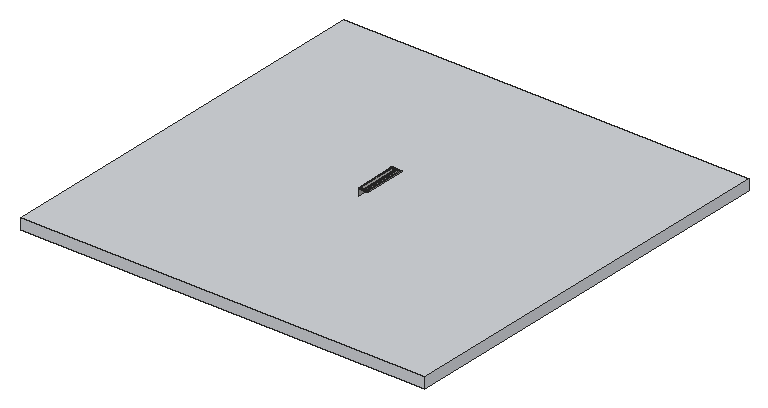
Revit family "STC5945", category Generic Models, host Face, Revit 2020
Family settings
  Host = Face
  Can host rebar = No
  Round Connector Dimension = Use Diameter
  Part Type = Normal
  Cut with Voids When Loaded = No
  Shared = No
  Room Calculation Point = No
Parameters
  Default Elevation = 1219.2 mm
Reference planes
  plane 1 "Center (Front/Back)": y = 0
  plane 2: z = -304.512
  plane 3 "Center (Left/Right)": x = 0
Forms (mm)
  Extrusion 1, solid
    sketch origin (0, 0, 0) x (1, 0, 0) y (0, 1, 0)
      loop
        line (-1219.2, 1219.2) -> (-1219.2, -1219.2) -> (1219.2, -1219.2) -> (1219.2, 1219.2) -> (-1219.2, 1219.2)
    from -304.512 to -241.302
  Extrusion 2, solid, material "Default New Material(1)"
    sketch origin (561.62, -20.284, -486.562) x (1, 0, 0) y (0, 0, 1)
      loop
        line (-440.376, 445.976) -> (-445.376, 445.976) -> (-445.376, 444.709) -> (-492.782, 444.709) -> (-492.782, 445.976) -> (-495.376, 445.976)
        arc (-495.376, 445.976) -> (-498.857, 444.157) -> (-499.352, 440.261) r 4.241
        line (-499.352, 440.261) -> (-499.352, 401.887) -> (-496.85, 400.976) -> (-496.85, 439.771) -> (-487.676, 439.771) -> (-487.676, 440.943) -> (-494.125, 440.943)
        arc (-494.125, 440.943) -> (-495.153, 441.971) -> (-494.125, 443) r 1.029
        line (-494.125, 443) -> (-480.465, 443)
        arc (-480.465, 443) -> (-479.668, 442.708) -> (-479.246, 441.971) r 1.237
        arc (-479.246, 441.971) -> (-479.349, 441.517) -> (-479.742, 441.268) r 0.61
        line (-479.742, 441.268) -> (-481.038, 441.039)
        arc (-481.038, 441.039) -> (-481.76, 440.592) -> (-481.977, 439.771) r 1.146
        line (-481.977, 439.771) -> (-473.468, 439.771)
        arc (-473.468, 439.771) -> (-473.581, 440.711) -> (-474.362, 441.245) r 1.146
        line (-474.362, 441.245) -> (-476.264, 441.58)
        arc (-476.264, 441.58) -> (-476.657, 441.83) -> (-476.76, 442.284) r 0.61
        arc (-476.76, 442.284) -> (-476.339, 443.021) -> (-475.541, 443.312) r 1.237
        line (-475.541, 443.312) -> (-466.364, 443.312)
        arc (-466.364, 443.312) -> (-465.567, 443.021) -> (-465.145, 442.284) r 1.237
        arc (-465.145, 442.284) -> (-465.248, 441.83) -> (-465.641, 441.58) r 0.61
        line (-465.641, 441.58) -> (-467.445, 441.262)
        arc (-467.445, 441.262) -> (-468.231, 440.72) -> (-468.333, 439.771) r 1.146
        line (-468.333, 439.771) -> (-459.836, 439.771)
        arc (-459.836, 439.771) -> (-459.949, 440.711) -> (-460.73, 441.245) r 1.146
        line (-460.73, 441.245) -> (-462.632, 441.58)
        arc (-462.632, 441.58) -> (-463.025, 441.83) -> (-463.128, 442.284) r 0.61
        arc (-463.128, 442.284) -> (-462.706, 443.021) -> (-461.909, 443.312) r 1.237
        line (-461.909, 443.312) -> (-452.354, 443.312)
        arc (-452.354, 443.312) -> (-451.556, 443.021) -> (-451.135, 442.284) r 1.237
        arc (-451.135, 442.284) -> (-451.238, 441.83) -> (-451.631, 441.58) r 0.61
        line (-451.631, 441.58) -> (-453.435, 441.262)
        arc (-453.435, 441.262) -> (-454.22, 440.72) -> (-454.323, 439.771) r 1.146
        line (-454.323, 439.771) -> (-445.825, 439.771)
        arc (-445.825, 439.771) -> (-445.939, 440.711) -> (-446.72, 441.245) r 1.146
        line (-446.72, 441.245) -> (-448.622, 441.58)
        arc (-448.622, 441.58) -> (-449.015, 441.83) -> (-449.117, 442.284) r 0.61
        arc (-449.117, 442.284) -> (-448.696, 443.021) -> (-447.898, 443.312) r 1.237
        line (-447.898, 443.312) -> (-440.376, 443.312) -> (-440.376, 445.976)
    from 0 to 250
  Extrusion 3, solid, material "Default New Material"
    sketch origin (561.62, -20.284, -486.562) x (-1, 0, 0) y (0, 0, 1)
      loop
        line (492.782, 446.914) -> (445.376, 446.914) -> (445.376, 444.709) -> (492.782, 444.709) -> (492.782, 446.914)
    from -250 to 0
Dimensions and locks
  Extrusion 2 to Extrusion 2 = 58.976 mm
  Extrusion 3 to Extrusion 2 = 45.027 mm
  aligned and locked: plane 2 to Extrusion 1
